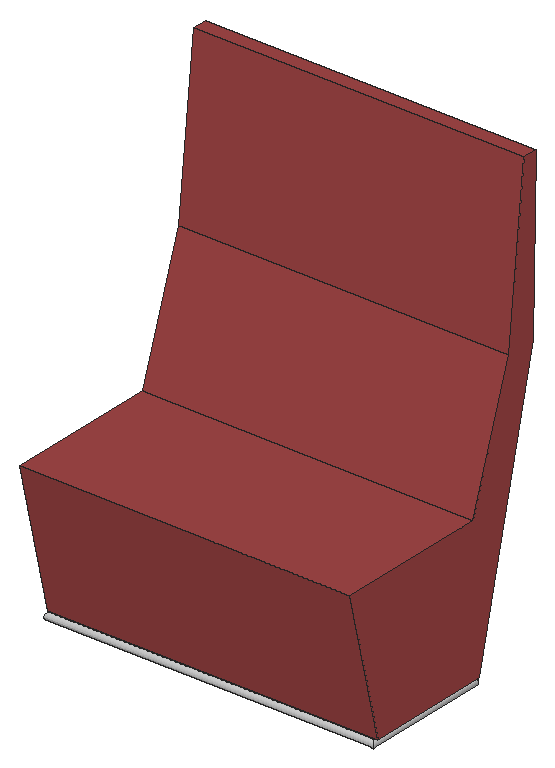
Revit family "FU_Inspec_Area_9-7", category Furniture, Revit 2020
Family settings
  OmniClass Number = 23.40.20.00
  OmniClass Title = General Furniture and Specialties
  Work Plane-Based = No
  Always vertical = Yes
  Cut with Voids When Loaded = No
  Shared = No
  Room Calculation Point = No
Parameters (values of type "Fabric - Red")
  URL = "https://inspecfurniture.com/product-details/area-9-7/"
  Seat Material = Fabric - Red
  Model = "area 9.7"
  Manufacturer = "Inspec"  # constant formula
  Legs Material = Metal - Chrome - Polished
  Keynote = "46.B"
  Description = "Modular sofa unit on powder coated or chromium plated cast aluminium sled base. Centre unit with upholstered seat and high rise back, and built-in magnetic linking device."
  Default Elevation = 0 mm
  Content Author = "AEC AB"  # constant formula
  Assembly Code = "E2020"
Types (2, lengths in mm): name | Seat Material
  Fabric - Red | Fabric - Red
  Fabric - Yellow | Fabric - Yellow - Bright
Reference planes
  plane 1: z = 0
  plane 2 "Center (Left/Right)": x = 0
  plane 3: x = -490
  plane 4: x = 490
  plane 5: y = 347
  plane 6: y = -342.955
  plane 7: x = -488
  plane 8: x = 488
  plane 9 "Ref_Seat": z = 450
  plane 10: y = -49.473
  plane 11: y = -49.473
Forms (mm)
  Sweep 1, solid, material "Fabric - Red" <- "Seat Material"
    path origin (0, 0, 0) x (1, 0, 0) y (0, 1, 0)
      loop
        line (-488, 0) -> (488, 0)
    profile origin (0, 0, 0) x (0, 1, 0) y (0, 0, 1)
      loop
        line (-238.974, 22) -> (135.414, 22) -> (336.874, 830.013) -> (345.602, 1330) -> (300.594, 1330) -> (246.874, 830) -> (112.704, 450) -> (-340.955, 450) -> (-238.974, 22)
  Sweep 2, solid, material "Metal - Chrome - Polished" <- "Legs Material"
    path origin (0, 0, 0) x (1, 0, 0) y (0, 1, 0)
      loop
        line (-476.746, -240.583) -> (476.746, -240.583) -> (476.746, 128.497) -> (369.983, 235.26) -> (-369.983, 235.26) -> (-476.746, 128.497) -> (-476.746, -240.583)
    profile origin (0, -240.583, 0) x (0, 1, 0) y (0, 0, 1)
      loop
        circle (0, 11) r 11
Lines and regions (mm)
  Masking region 1
    outline origin (0, 0, 450) x (-1, 0, 0) y (0, -1, 0)
      loop
        line (490, -347) -> (490, 342.955) -> (-490, 342.955) -> (-490, -347) -> (490, -347)
  symbolic lines
    curve 1: line (490, 112.704, 450) -> (-490, 112.704, 450)
    curve 2: line (490, 246.874, 450) -> (-490, 246.874, 450)
    curve 3: line (490, 300.594, 450) -> (-490, 300.594, 450)
Dimensions and locks
  plane 3 to plane 4 = 980 mm
  plane 6 to plane 5 = 689.955 mm
  aligned and locked: level to plane 1
